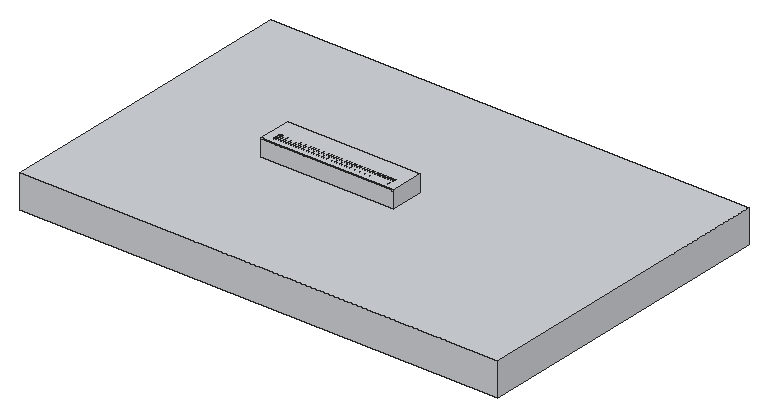
Revit family
Parameters
  Width = 1' - 0"
  URL = "www.coldspringgranite.com"
  TypicalJointSize = 0' - 0 1/4"
  StopCarborundumRight = 0' - 3"
  StopCarborundumLeft = 0' - 3"
  StoneMaterial = none
  SettingSpace = AirGap + Height  # 0' - 7 1/8"
  RightCarborundumVisibilityOn = not(RightCarborundumVisibilityOff)  # no
  RightCarborundumVisibilityOff = StopCarborundumRight > 0' 0"  # yes
  Product Name = "Stair Tread Stone for Cubic Application - Square Front Edge with Four Carborundum Strips"
  Product Documentation Link = "http://www.coldspringgranite.com/BIM_Families/Family_Detail/Stair_Tread_Stone_for_Cubic_Application_–_Square_Front_Edge_with_Four_Carborundum_Strips/"
  PhoneNumber = "800-551-7502"
  Notes = ""
  NosingRadius = 0' - 0 1/4"
  Model = "N/A"
  Manufacturer = "Cold Spring Granite Company"
  Low Emitting Material = yes
  Low Emitting Finish = yes
  Location = "17482 Granite West Road, Cold Spring, MN 56320-4578"
  Length = 4' - 0"
  LeftCarborundumVisibilityOff = StopCarborundumLeft > 0' 0"  # yes
  LEED Credit = ""
  Keynote = "096340"
  JointRightOff = no
  JointRight = if(JointRightOff, 0' 0", TypicalJointSize / 2)  # 0' - 0 1/8"
  JointLeftOff = no
  JointLeft = if(JointLeftOff, 0' 0", TypicalJointSize / 2)  # 0' - 0 1/8"
  Height = 0' - 6 1/8"
  HeadSize = 0' - 6"
  Description = "Stone Stair Tread Cubic Square Quadruple Carborundum"
  Default Elevation = 0' - 0"
  CarborundumWidth = 0' - 0 3/8"
  LeftCarborundumVisibilityOn = not(LeftCarborundumVisibilityOff)  # no
  CarborundumSpacing = 0' - 0 1/2"
  CarborundumSetBack = 0' - 2"
  CarborundumDepth = 0' - 0 1/4"
  BackJointWidth = 0' - 3"
  Assembly Code = "C2010100"
  AirGap = 0' - 1"
  ADA Compliant = yes
Reference planes (in)
  plane 1 "Center (Front/Back)": y = 0
  plane 2: z = 0
  plane 3 "Center (Left/Right)": x = 0
  plane 4 "StoneLeft": x = 0.125
  plane 5 "StoneRight": x = 47.875
  plane 6 "Right": x = 48
  plane 7 "CarborundumLeft": x = 3.125
  plane 8 "CarborundumRight": x = 44.875
  plane 9 "StoneBack": y = 12
  plane 10 "StoneFace": z = 7.125
  plane 11 "CarborundumBottom": z = 6.875
  plane 12 "HeadBottom": z = 1.125
  plane 13 "StoneBottom": z = 1
  plane 14 "FirstCarborundumFront": y = 2
  plane 15 "FirstCarborundumBack": y = 2.375
  plane 16 "BackJoint": y = 3
  plane 17 "SecondCarborundumFront": y = 2.875
  plane 18 "SecondCarborundumBack": y = 3.25
  plane 19 "ThirdCarborundumFront": y = 3.75
  plane 20 "ThirdCarborundumBack": y = 4.125
  plane 21 "FourthCarborundumFront": y = 4.625
  plane 22 "FourthCarborundumBack": y = 5
Forms (in)
  Extrusion 1, solid
    sketch origin (0, 0, 0) x (1, 0, 0) y (0, 1, 0)
      loop
        line (-48, 64.5) -> (-48, -48) -> (124.0595, -48) -> (124.0595, 64.5) -> (-48, 64.5)
    from 0 to -12
  Extrusion 2, solid, material <- "StoneMaterial", detail levels medium+fine
    sketch origin (0, 0, 0) x (0, 1, 0) y (0, 0, 1)
      loop
        line (12, 7.125) -> (0.25, 7.125)
        arc (0.25, 7.125) -> (0.07322, 7.05178) -> (0, 6.875) r 0.25
        line (0, 6.875) -> (0, 1) -> (12, 1) -> (12, 7.125)
    from 0.125 to 47.875
  Extrusion 3, void
    sketch origin (0, 0, 0) x (0, 1, 0) y (0, 0, 1)
      loop
        line (2.375, 7.125) -> (2, 7.125) -> (2, 6.875) -> (2.375, 6.875) -> (2.375, 7.125)
      loop
        line (3.25, 7.125) -> (2.875, 7.125) -> (2.875, 6.875) -> (3.25, 6.875) -> (3.25, 7.125)
      loop
        line (4.125, 7.125) -> (3.75, 7.125) -> (3.75, 6.875) -> (4.125, 6.875) -> (4.125, 7.125)
      loop
        line (5, 7.125) -> (4.625, 7.125) -> (4.625, 6.875) -> (5, 6.875) -> (5, 7.125)
    from 3.125 to 44.875
  Extrusion 4, void
    sketch origin (0, 0, 0) x (0, 1, 0) y (0, 0, 1)
      loop
        line (3, 1.125) -> (0, 1.125) -> (0, 0) -> (3, 0) -> (3, 1.125)
    from 0.125 to 47.875
  Extrusion 5, solid, material <- "StoneMaterial", detail levels coarse
    sketch origin (0, 0, 0) x (0, 1, 0) y (0, 0, 1)
      loop
        line (12, 7.125) -> (0, 7.125) -> (0, 1) -> (12, 1) -> (12, 7.125)
    from 0 to 48
Cuts and joins
  Extrusion 3, Extrusion 4 cuts Extrusion 2
Lines and regions (in)
  Masking region 1, detail levels coarse
    outline origin (0, 0, 0) x (1, 0, 0) y (0, 1, 0)
      loop
        line (0, 12) -> (0, 0) -> (48, 0) -> (48, 12) -> (0, 12)
  Masking region 2, detail levels medium+fine
    outline origin (0, 0, 0) x (1, 0, 0) y (0, 1, 0)
      loop
        line (0.125, 12) -> (0.125, 0) -> (47.875, 0) -> (47.875, 12) -> (0.125, 12)
  Masking region 3, detail levels coarse
    outline origin (0, 0, 0) x (0, 1, 0) y (0, 0, 1)
      loop
        line (12, 7.125) -> (0, 7.125) -> (0, 1) -> (12, 1) -> (12, 7.125)
  Masking region 4, detail levels fine
    outline origin (0, 0, 0) x (0, 1, 0) y (0, 0, 1)
      loop
        line (12, 1) -> (12, 7.125) -> (5, 7.125) -> (5, 6.875) -> (4.625, 6.875) -> (4.625, 7.125) -> (4.125, 7.125) -> (4.125, 6.875) -> (3.75, 6.875) -> (3.75, 7.125) -> (3.25, 7.125) -> (3.25, 6.875) -> (2.875, 6.875) -> (2.875, 7.125) -> (2.375, 7.125) -> (2.375, 6.875) -> (2, 6.875) -> (2, 7.125) -> (0.25, 7.125)
        arc (0.25, 7.125) -> (0.07322, 7.05178) -> (0, 6.875) r 0.25
        line (0, 6.875) -> (0, 1.125) -> (3, 1.125) -> (3, 1) -> (12, 1)
  Masking region 5, detail levels coarse
    outline origin (0, 0, 0) x (1, 0, 0) y (0, 0, 1)
      loop
        line (0, 7.125) -> (0, 1) -> (48, 1) -> (48, 7.125) -> (0, 7.125)
  Masking region 6, detail levels medium+fine
    outline origin (0, 0, 0) x (1, 0, 0) y (0, 0, 1)
      loop
        line (0.125, 7.125) -> (0.125, 1.125) -> (47.875, 1.125) -> (47.875, 7.125) -> (0.125, 7.125)
  Masking region 7, visible <- "LeftCarborundumVisibilityOff", detail levels medium
    outline origin (0, 0, 0) x (0, 1, 0) y (0, 0, 1)
      loop
        line (12, 1) -> (12, 7.125) -> (0.25, 7.125)
        arc (0.25, 7.125) -> (0.07322, 7.05178) -> (0, 6.875) r 0.25
        line (0, 6.875) -> (0, 1.125) -> (3, 1.125) -> (3, 1) -> (12, 1)
  Masking region 8, visible <- "LeftCarborundumVisibilityOn", detail levels medium
    outline origin (0, 0, 0) x (0, 1, 0) y (0, 0, 1)
      loop
        line (12, 1) -> (12, 7.125) -> (5, 7.125) -> (5, 6.875) -> (4.625, 6.875) -> (4.625, 7.125) -> (4.125, 7.125) -> (4.125, 6.875) -> (3.75, 6.875) -> (3.75, 7.125) -> (3.25, 7.125) -> (3.25, 6.875) -> (2.875, 6.875) -> (2.875, 7.125) -> (2.375, 7.125) -> (2.375, 6.875) -> (2, 6.875) -> (2, 7.125) -> (0.25, 7.125)
        arc (0.25, 7.125) -> (0.07322, 7.05178) -> (0, 6.875) r 0.25
        line (0, 6.875) -> (0, 1.125) -> (3, 1.125) -> (3, 1) -> (12, 1)
  Masking region 9, visible <- "RightCarborundumVisibilityOn", detail levels medium
    outline origin (48, 0, 0) x (0, 1, 0) y (0, 0, 1)
      loop
        arc (0.25, 7.125) -> (0.07322, 7.05178) -> (0, 6.875) r 0.25
        line (0, 6.875) -> (0, 1.125) -> (3, 1.125) -> (3, 1) -> (12, 1) -> (12, 7.125) -> (5, 7.125) -> (5, 6.875) -> (4.625, 6.875) -> (4.625, 7.125) -> (4.125, 7.125) -> (4.125, 6.875) -> (3.75, 6.875) -> (3.75, 7.125) -> (3.25, 7.125) -> (3.25, 6.875) -> (2.875, 6.875) -> (2.875, 7.125) -> (2.375, 7.125) -> (2.375, 6.875) -> (2, 6.875) -> (2, 7.125) -> (0.25, 7.125)
  Masking region 10, visible <- "RightCarborundumVisibilityOff", detail levels medium
    outline origin (48, 0, 0) x (0, 1, 0) y (0, 0, 1)
      loop
        arc (0.25, 7.125) -> (0.07322, 7.05178) -> (0, 6.875) r 0.25
        line (0, 6.875) -> (0, 1.125) -> (3, 1.125) -> (3, 1) -> (12, 1) -> (12, 7.125) -> (0.25, 7.125)
  symbolic lines, detail levels medium+fine
    curve 1: line (3.125, 2.375, 0) -> (44.875, 2.375, 0)
    curve 2: line (3.125, 2, 0) -> (3.125, 2.375, 0)
    curve 3: line (44.875, 2, 0) -> (3.125, 2, 0)
    curve 4: line (44.875, 2.375, 0) -> (44.875, 2, 0)
    curve 5: line (44.875, 4.125, 0) -> (3.125, 4.125, 0)
    curve 6: line (44.875, 3.75, 0) -> (3.125, 3.75, 0)
    curve 7: line (44.875, 3.25, 0) -> (3.125, 3.25, 0)
    curve 8: line (44.875, 2.875, 0) -> (3.125, 2.875, 0)
    curve 9: line (44.875, 3.25, 0) -> (44.875, 2.875, 0)
    curve 10: line (44.875, 4.125, 0) -> (44.875, 3.75, 0)
    curve 11: line (3.125, 4.125, 0) -> (3.125, 3.75, 0)
    curve 12: line (3.125, 3.25, 0) -> (3.125, 2.875, 0)
    curve 13: line (3.125, 5, 0) -> (44.875, 5, 0)
    curve 14: line (3.125, 4.625, 0) -> (3.125, 5, 0)
    curve 15: line (44.875, 4.625, 0) -> (3.125, 4.625, 0)
    curve 16: line (44.875, 5, 0) -> (44.875, 4.625, 0)
Dimensions and locks (in)
  "Length": plane 3 "Center (Left/Right)" to plane 6 "Right"
  "JointLeft": plane 3 "Center (Left/Right)" to plane 4 "StoneLeft"
  "JointRight": plane 5 "StoneRight" to plane 6 "Right"
  "Width": plane 1 "Center (Front/Back)" to plane 9 "StoneBack"
  "StopCarborundumLeft": plane 7 "CarborundumLeft" to plane 4 "StoneLeft"
  "StopCarborundumRight": plane 5 "StoneRight" to plane 8 "CarborundumRight"
  "Height": plane 10 "StoneFace" to plane 13 "StoneBottom"
  "SettingSpace": plane 10 "StoneFace" to plane 2
  "CarborundumDepth": plane 10 "StoneFace" to plane 11 "CarborundumBottom"
  "CarborundumSetBack": plane 14 "FirstCarborundumFront" to plane 1 "Center (Front/Back)"
  "CarborundumWidth": plane 15 "FirstCarborundumBack" to plane 14 "FirstCarborundumFront"
  "HeadSize": plane 10 "StoneFace" to plane 12 "HeadBottom"
  "BackJointWidth": plane 16 "BackJoint" to plane 1 "Center (Front/Back)"
  "CarborundumSpacing": plane 17 "SecondCarborundumFront" to plane 15 "FirstCarborundumBack"
  "CarborundumWidth": plane 18 "SecondCarborundumBack" to plane 17 "SecondCarborundumFront"
  "CarborundumSpacing": plane 19 "ThirdCarborundumFront" to plane 18 "SecondCarborundumBack"
  "CarborundumWidth": plane 20 "ThirdCarborundumBack" to plane 19 "ThirdCarborundumFront"
  "CarborundumSpacing": plane 21 "FourthCarborundumFront" to plane 20 "ThirdCarborundumBack"
  "CarborundumWidth": plane 22 "FourthCarborundumBack" to plane 21 "FourthCarborundumFront"
  "NosingRadius": radius of Extrusion 2 sketch curve
  aligned and locked: Extrusion 1 to plane 2
  aligned and locked: level to Extrusion 1
  aligned and locked: Extrusion 2 sketch curve to plane 10 "StoneFace"
  aligned and locked: Extrusion 2 sketch curve to plane 9 "StoneBack"
  aligned and locked: plane 13 "StoneBottom" to Extrusion 2 sketch curve
  aligned and locked: Extrusion 2 sketch curve to plane 1 "Center (Front/Back)"
  aligned and locked: plane 5 "StoneRight" to Extrusion 2
  aligned and locked: Extrusion 2 to plane 4 "StoneLeft"
  aligned and locked: Extrusion 3 sketch curve to plane 10 "StoneFace"  (x4)
  aligned and locked: Extrusion 3 sketch curve to plane 15 "FirstCarborundumBack"
  aligned and locked: plane 11 "CarborundumBottom" to Extrusion 3 sketch curve  (x4)
  aligned and locked: plane 14 "FirstCarborundumFront" to Extrusion 3 sketch curve
  aligned: Extrusion 3 to plane 4 "StoneLeft"
  aligned: plane 6 "Right" to Extrusion 3
  aligned and locked: Extrusion 3 to plane 7 "CarborundumLeft"
  aligned and locked: plane 8 "CarborundumRight" to Extrusion 3
  aligned and locked: plane 16 "BackJoint" to Extrusion 4 sketch curve
  aligned and locked: plane 2 to Extrusion 4 sketch curve
  aligned and locked: Extrusion 4 sketch curve to plane 1 "Center (Front/Back)"
  aligned and locked: Extrusion 4 sketch curve to plane 12 "HeadBottom"
  aligned and locked: plane 5 "StoneRight" to Extrusion 4
  aligned and locked: Extrusion 4 to plane 4 "StoneLeft"
  aligned and locked: Extrusion 5 sketch curve to plane 10 "StoneFace"
  aligned and locked: Extrusion 5 sketch curve to plane 9 "StoneBack"
  aligned and locked: plane 13 "StoneBottom" to Extrusion 5 sketch curve
  aligned and locked: Extrusion 5 sketch curve to plane 1 "Center (Front/Back)"
  aligned and locked: plane 6 "Right" to Extrusion 5
  aligned and locked: Masking region 1 sketch curve to plane 9 "StoneBack"
  aligned and locked: plane 3 "Center (Left/Right)" to Masking region 1 sketch curve
  aligned and locked: Masking region 1 sketch curve to plane 1 "Center (Front/Back)"
  aligned and locked: Masking region 1 sketch curve to plane 6 "Right"
  aligned and locked: Masking region 2 sketch curve to plane 9 "StoneBack"
  aligned and locked: plane 4 "StoneLeft" to Masking region 2 sketch curve
  aligned and locked: Masking region 2 sketch curve to plane 5 "StoneRight"
  aligned and locked: Masking region 2 sketch curve to plane 1 "Center (Front/Back)"
  aligned and locked: curve 4 to plane 8 "CarborundumRight"
  aligned and locked: Masking region 3 sketch curve to plane 10 "StoneFace"
  aligned and locked: Masking region 3 sketch curve to plane 9 "StoneBack"
  aligned and locked: plane 13 "StoneBottom" to Masking region 3 sketch curve
  aligned and locked: Masking region 3 sketch curve to plane 1 "Center (Front/Back)"
  aligned and locked: plane 9 "StoneBack" to Masking region 4 sketch curve
  aligned and locked: plane 10 "StoneFace" to Masking region 4 sketch curve  (x2)
  aligned and locked: plane 12 "HeadBottom" to Masking region 4 sketch curve
  aligned and locked: plane 16 "BackJoint" to Masking region 4 sketch curve
  aligned and locked: plane 15 "FirstCarborundumBack" to Masking region 4 sketch curve
  aligned and locked: plane 14 "FirstCarborundumFront" to Masking region 4 sketch curve
  aligned and locked: plane 11 "CarborundumBottom" to Masking region 4 sketch curve  (x3)
  aligned and locked: plane 13 "StoneBottom" to Masking region 4 sketch curve
  aligned and locked: Masking region 4 sketch curve to cut or joined group of Extrusion 2, Extrusion 3, Extrusion 4
  aligned and locked: plane 3 "Center (Left/Right)" to Masking region 5 sketch curve
  aligned and locked: Masking region 5 sketch curve to plane 10 "StoneFace"
  aligned and locked: Masking region 5 sketch curve to plane 6 "Right"
  aligned and locked: plane 13 "StoneBottom" to Masking region 5 sketch curve
  aligned and locked: plane 4 "StoneLeft" to Masking region 6 sketch curve
  aligned and locked: Masking region 6 sketch curve to plane 10 "StoneFace"
  aligned and locked: plane 12 "HeadBottom" to Masking region 6 sketch curve
  aligned and locked: Masking region 6 sketch curve to plane 5 "StoneRight"
  aligned and locked: plane 9 "StoneBack" to Masking region 7 sketch curve
  aligned and locked: plane 10 "StoneFace" to Masking region 7 sketch curve
  aligned and locked: Masking region 7 sketch curve to cut or joined group of Extrusion 2, Extrusion 3, Extrusion 4
  aligned and locked: plane 12 "HeadBottom" to Masking region 7 sketch curve
  aligned and locked: plane 16 "BackJoint" to Masking region 7 sketch curve
  aligned and locked: plane 13 "StoneBottom" to Masking region 7 sketch curve
  aligned and locked: plane 9 "StoneBack" to Masking region 8 sketch curve
  aligned and locked: plane 10 "StoneFace" to Masking region 8 sketch curve  (x2)
  aligned and locked: plane 15 "FirstCarborundumBack" to Masking region 8 sketch curve
  aligned and locked: plane 14 "FirstCarborundumFront" to Masking region 8 sketch curve
  aligned and locked: plane 11 "CarborundumBottom" to Masking region 8 sketch curve  (x3)
  aligned and locked: Masking region 8 sketch curve to cut or joined group of Extrusion 2, Extrusion 3, Extrusion 4
  aligned and locked: plane 12 "HeadBottom" to Masking region 8 sketch curve
  aligned and locked: plane 16 "BackJoint" to Masking region 8 sketch curve
  aligned and locked: plane 13 "StoneBottom" to Masking region 8 sketch curve
  aligned and locked: Masking region 9 sketch curve to cut or joined group of Extrusion 2, Extrusion 3, Extrusion 4
  aligned and locked: Masking region 9 sketch curve to plane 1 "Center (Front/Back)"
  aligned and locked: Masking region 9 sketch curve to plane 9 "StoneBack"
  aligned and locked: Masking region 9 sketch curve to plane 13 "StoneBottom"
  aligned and locked: Masking region 9 sketch curve to plane 16 "BackJoint"
  aligned and locked: Masking region 9 sketch curve to plane 12 "HeadBottom"
  aligned and locked: Masking region 9 sketch curve to plane 14 "FirstCarborundumFront"
  aligned and locked: Masking region 9 sketch curve to plane 11 "CarborundumBottom"
  aligned and locked: Masking region 9 sketch curve to plane 15 "FirstCarborundumBack"
  aligned and locked: Masking region 10 sketch curve to cut or joined group of Extrusion 2, Extrusion 3, Extrusion 4
  aligned and locked: Masking region 10 sketch curve to plane 1 "Center (Front/Back)"
  aligned and locked: Masking region 10 sketch curve to plane 9 "StoneBack"
  aligned and locked: Masking region 10 sketch curve to plane 13 "StoneBottom"
  aligned and locked: Masking region 10 sketch curve to plane 16 "BackJoint"
  aligned and locked: Masking region 10 sketch curve to plane 12 "HeadBottom"
  aligned and locked: Extrusion 3 sketch curve to plane 17 "SecondCarborundumFront"
  aligned and locked: plane 18 "SecondCarborundumBack" to Extrusion 3 sketch curve
  aligned and locked: Extrusion 3 sketch curve to plane 19 "ThirdCarborundumFront"
  aligned and locked: plane 20 "ThirdCarborundumBack" to Extrusion 3 sketch curve
  aligned and locked: plane 20 "ThirdCarborundumBack" to Masking region 8 sketch curve
  aligned and locked: plane 19 "ThirdCarborundumFront" to Masking region 8 sketch curve
  aligned and locked: plane 18 "SecondCarborundumBack" to Masking region 8 sketch curve
  aligned and locked: plane 17 "SecondCarborundumFront" to Masking region 8 sketch curve
  aligned and locked: plane 20 "ThirdCarborundumBack" to Masking region 4 sketch curve
  aligned and locked: plane 19 "ThirdCarborundumFront" to Masking region 4 sketch curve
  aligned and locked: plane 18 "SecondCarborundumBack" to Masking region 4 sketch curve
  aligned and locked: plane 17 "SecondCarborundumFront" to Masking region 4 sketch curve
  aligned and locked: plane 11 "CarborundumBottom" to Masking region 9 sketch curve  (x2)
  aligned and locked: plane 20 "ThirdCarborundumBack" to Masking region 9 sketch curve
  aligned and locked: plane 19 "ThirdCarborundumFront" to Masking region 9 sketch curve
  aligned and locked: plane 18 "SecondCarborundumBack" to Masking region 9 sketch curve
  aligned and locked: plane 17 "SecondCarborundumFront" to Masking region 9 sketch curve
  aligned and locked: plane 7 "CarborundumLeft" to curve 3
  aligned and locked: plane 7 "CarborundumLeft" to curve 1
  aligned and locked: plane 14 "FirstCarborundumFront" to curve 2
  aligned and locked: plane 15 "FirstCarborundumBack" to curve 2
  aligned and locked: plane 8 "CarborundumRight" to curve 3
  aligned and locked: plane 14 "FirstCarborundumFront" to curve 4
  aligned and locked: plane 15 "FirstCarborundumBack" to curve 4
  aligned and locked: plane 7 "CarborundumLeft" to curve 8
  aligned and locked: plane 8 "CarborundumRight" to curve 6
  aligned and locked: plane 8 "CarborundumRight" to curve 7
  aligned and locked: plane 20 "ThirdCarborundumBack" to curve 10
  aligned and locked: plane 19 "ThirdCarborundumFront" to curve 10
  aligned and locked: plane 18 "SecondCarborundumBack" to curve 9
  aligned and locked: plane 17 "SecondCarborundumFront" to curve 9
  aligned and locked: plane 20 "ThirdCarborundumBack" to curve 11
  aligned and locked: plane 19 "ThirdCarborundumFront" to curve 11
  aligned and locked: plane 18 "SecondCarborundumBack" to curve 12
  aligned and locked: plane 17 "SecondCarborundumFront" to curve 12
  aligned and locked: plane 22 "FourthCarborundumBack" to Extrusion 3 sketch curve
  aligned and locked: Extrusion 3 sketch curve to plane 21 "FourthCarborundumFront"
  aligned and locked: plane 22 "FourthCarborundumBack" to Masking region 4 sketch curve
  aligned and locked: plane 21 "FourthCarborundumFront" to Masking region 4 sketch curve
  aligned and locked: plane 22 "FourthCarborundumBack" to Masking region 8 sketch curve
  aligned and locked: plane 21 "FourthCarborundumFront" to Masking region 8 sketch curve
  aligned and locked: plane 22 "FourthCarborundumBack" to Masking region 9 sketch curve
  aligned and locked: plane 21 "FourthCarborundumFront" to Masking region 9 sketch curve
  aligned and locked: curve 16 to plane 8 "CarborundumRight"
  aligned and locked: plane 7 "CarborundumLeft" to curve 13
  aligned and locked: plane 7 "CarborundumLeft" to curve 15
  aligned and locked: plane 22 "FourthCarborundumBack" to curve 14
  aligned and locked: plane 21 "FourthCarborundumFront" to curve 14
  aligned and locked: plane 7 "CarborundumLeft" to curve 5
  aligned and locked: plane 7 "CarborundumLeft" to curve 6
  aligned and locked: plane 7 "CarborundumLeft" to curve 7
  aligned and locked: plane 8 "CarborundumRight" to curve 15
  aligned and locked: plane 22 "FourthCarborundumBack" to curve 16
  aligned and locked: plane 21 "FourthCarborundumFront" to curve 16
  aligned and locked: plane 8 "CarborundumRight" to curve 5
  aligned and locked: plane 8 "CarborundumRight" to curve 8
  aligned and locked: Masking region 8 to plane 11 "CarborundumBottom"
  aligned and locked: Masking region 4 to plane 11 "CarborundumBottom"
  aligned and locked: Masking region 9 to plane 11 "CarborundumBottom"
  aligned and locked: Extrusion 5 to plane 3 "Center (Left/Right)"
Automatic sketch dimensions
  Extrusion 1 sketch curve to Extrusion 1 sketch curve = 14' - 4.0595"
  Extrusion 1 sketch curve to Extrusion 1 sketch curve = 9' - 4 1/2"
  Masking region 8 sketch curve to Masking region 8 sketch curve = 0' - 0"  (x4)
  Masking region 4 sketch curve to Masking region 4 sketch curve = 0' - 0"  (x4)
  Masking region 9 sketch curve to Masking region 9 sketch curve = 0' - 0"  (x4)
  plane 10 "StoneFace" to Masking region 9 sketch curve = 0' - 0"
Nested families (in)
  nested 1: "CopyRight" at (0, 0, 0), type "CopyRight"
Definition of nested family "CopyRight"
  Parameters (values of type "CopyRight")
    CopyRight = "Cold Spring Granite Company"
  Reference planes (in)
    plane 1: z = 0
